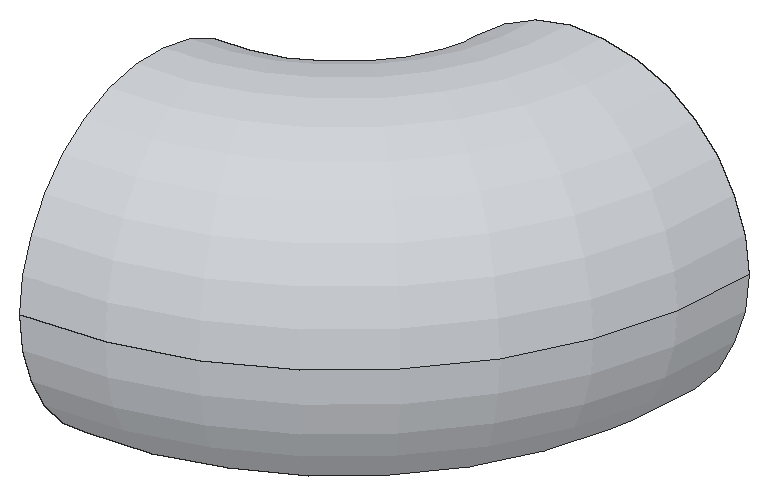
Revit family "M_Elbow - Welded - Generic", category Pipe Fittings, Revit 2014
Parameters (values of type "Standard")
  Tick Size [instance] = Fitting Outside Diameter * 0.4  # 13.36 mm
  Nominal Radius [instance] = 12.5 mm
  Nominal Diameter [instance] = Nominal Radius * 2  # 25 mm
  Lookup Table Name = "M_Elbow - Welded - Generic"
  Fitting Outside Radius [instance] = Fitting Outside Diameter / 2  # 16.7 mm
  Fitting Outside Diameter [instance] = size_lookup(Lookup Table Name, "FOD", Nominal Diameter + 10.418 mm, Nominal Diameter)  # 33.4 mm
  Center to End Label [instance] = if(Center to End > (Fitting Outside Radius + 3.2 mm) * tan(Angle / 2), Center to End, (Fitting Outside Radius + 3.2 mm) * tan(Angle / 2))  # 25 mm
  Center to End [instance] = size_lookup(Lookup Table Name, "CtE", 1.02 * Nominal Diameter - 1.488 mm, Nominal Diameter)  # 25 mm
  Center Radius [instance] = if(Center to End / tan(Angle / 2) > Fitting Outside Radius + 3.2 mm, Center to End / tan(Angle / 2), Fitting Outside Radius + 3.2 mm)  # 25 mm
  Angle [instance] = 90.00°
Reference planes
  plane 1 "Center (Front/Back)": y = 0
  plane 2: z = 0
  plane 3 "Center (Left/Right)": x = 0
  plane 4: x = -25
  plane 5: y = 25
  plane 6: y = 13.36
  plane 7: y = -13.36
Forms (mm)
  Sweep 1, solid, detail levels fine
    path in 3D
      loop
        arc (-25, 0, 0) -> (-7.322, 7.322, 0) -> (0, 25, 0) r 25
    profile origin (-7.322, 7.322, 0) x (-0.707107, 0.707107, 0) y (0, 0, 1)
      loop
        circle (0, 0) r 16.7
Lines and regions (mm)
  reference lines
    curve 1: line (-25, 25, 0) -> (19.45, 25, 0)
    curve 2: arc (-25, 0, 0) -> (-7.322, 7.322, 0) -> (0, 25, 0) r 25
    curve 3: line (0, 0, 0) -> (0, 19.05, 0)
    curve 4: line (-13.36, 18.22, 0) -> (-13.36, 22.144, 0)
    curve 5: line (13.36, 15.444, 0) -> (13.36, 35.228, 0)
  model lines, detail levels coarse+medium
    curve 6: line (-13.36, 25, 0) -> (13.36, 25, 0)
    curve 7: arc (-25, 0, 0) -> (-7.322, 7.322, 0) -> (0, 25, 0) r 25
    curve 8: line (-25, 13.36, 0) -> (-25, -13.36, 0)
  sketch lines
    curve 9: arc (-25, 0, 0) -> (-7.322, 7.322, 0) -> (0, 25, 0) r 25
Dimensions and locks
  "Center to End Label": plane 4 to plane 3 "Center (Left/Right)"
  "Center Radius": plane 5 to plane 1 "Center (Front/Back)"
  "Tick Size": plane 6 to plane 1 "Center (Front/Back)"
  "Tick Size": plane 7 to plane 1 "Center (Front/Back)"
  "Tick Size": curve 3 to curve 4
  "Tick Size": curve 5 to curve 3
  "Center Radius": radius of curve 2
  "Fitting Outside Radius": radius of Sweep 1 sketch curve
  "Angle": angle plane 4 to curve 1
  "Angle": angle curve 2 to curve 2
  "Angle": angle plane 1 "Center (Front/Back)" to curve 3
  "Angle": angle curve 7 to curve 7
  aligned and locked: plane 4 to curve 1
  aligned and locked: plane 5 to curve 1
  aligned and locked: plane 5 to curve 2
  aligned and locked: plane 4 to curve 2  (x2)
  aligned and locked: plane 1 "Center (Front/Back)" to curve 3
  aligned and locked: plane 3 "Center (Left/Right)" to curve 3
  aligned and locked: curve 4 to curve 6
  aligned and locked: curve 5 to curve 6
  aligned and locked: curve 1 to curve 6
  aligned and locked: curve 7 to curve 2
  aligned and locked: plane 6 to curve 8
  aligned and locked: plane 7 to curve 8
  aligned and locked: curve 8 to plane 4
Automatic sketch dimensions
  curve 1 to curve 5 = 9.556 mm
  curve 1 to curve 4 = 6.78 mm
  curve 5 to curve 1 = 10.228 mm
  curve 3 to curve 4 = 3.094 mm
  Sweep 1 sketch curve to profile plane = 0 mm
  profile plane to Sweep 1 sketch curve = 0 mm
Connectors
  piping at (-25, 0, 0), diameter 25, driven by "Nominal Radius", driven by "Angle"
    settings: on Sweep 1, index 1, connector inside diameter 25 mm, connector length 0 mm, flow factor 0, pipe flow 0.0 L/s, pressure drop 0.0 Pa, fitting loss kfactor 0, connector angle 90.00°, fixture units 0, engagement length 0 mm, angle of deflection 0.00°, flow configuration 0, flow direction 0, fitting loss method 0, system type 28, joint type 0, gender type 0, connector reference index 2, connector utility 0, adjustable connector no, is connector primary yes, connector description ""
  piping at (0, 25, 0), diameter 25, driven by "Nominal Radius", driven by "Angle"
    settings: on Sweep 1, index 2, connector inside diameter 25 mm, connector length 0 mm, flow factor 0, pipe flow 0.0 L/s, pressure drop 0.0 Pa, fitting loss kfactor 0, connector angle 90.00°, fixture units 0, engagement length 0 mm, angle of deflection 0.00°, flow configuration 0, flow direction 0, fitting loss method 0, system type 28, joint type 0, gender type 0, connector reference index 1, connector utility 0, adjustable connector no, is connector primary no, connector description ""
